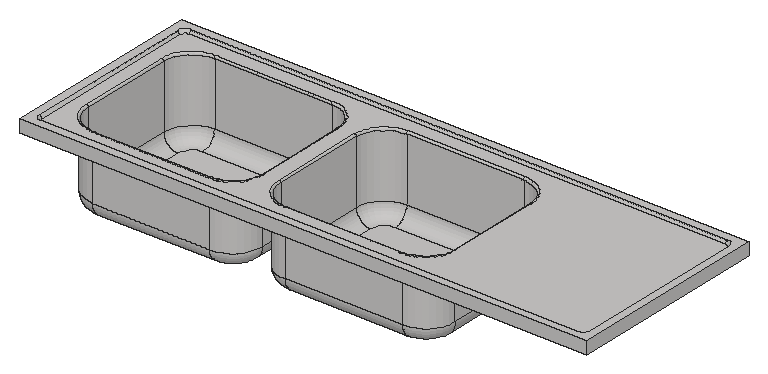
Revit family
Parameters (values of type "1500 X 535")
  Waste Connection Diameter = 40 mm
  Width Of Bowl = 400 mm
  Waste Connection Radius = Waste Connection Diameter / 2  # 20 mm
  Waste Connection = 1 = 1  # yes
  WFU = 0
  Vent Connection = 1 = 0  # no
  URL = "http://www.autospec.co.za/browse.php?id=1937217983"
  Product Code = "SSO-1500-DE"
  OmniClass Title = ""
  OmniClass Number = ""
  Modspec Classification = ""
  Specification = ""
  Material = Stainless Steel Grade 304
  Location (revit room) = ""
  Length Of Bowl = 460 mm
  HW Connection = 1 = 0  # no
  Description = ""
  Depth Of Bowl = 220 mm
  Colour = none
  CW Connection = 1 = 0  # no
  Body Finish = none
  Width = 535 mm
  Model = "Left Hand Sit-On Sink Double End Bowl SSO-1500-DE"
  Manufacturer = "Kwikot"  # constant formula
  Length = 1500 mm
  Assembly Code = "D2010410"
Reference planes
  plane 1 "Center (Front/Back)": y = 0
  plane 2 "Bottom": z = 0
  plane 3 "Center (Left/Right)": x = 0
  plane 4 "Right": x = 1500
  plane 5 "Back": y = 535
  plane 6 "Top": z = 220
  plane 7: z = 188
  plane 8: x = 65
  plane 9: x = 525
  plane 10: y = 267.5
  plane 11: y = 467.5
  plane 12: y = 67.5
  plane 13: x = 295
  plane 14: z = 212
  plane 15: x = 575
  plane 16: x = 1035
  plane 17: x = 805
Forms (mm)
  Sweep 1, solid, material "Stainless Steel Grade 304" <- "Material"
    path origin (-60.109, -1524, 220) x (-1, 0, 0) y (0, -1, 0)
      loop
        line (-60.109, -2059) -> (-60.109, -1524) -> (-1560.109, -1524) -> (-1560.109, -2059) -> (-60.109, -2059)
    profile origin (750, 535, 220) x (0, 1, 0) y (0, 0, 1)
      loop
        line (-15, 0) -> (-15, -10.5) -> (-2.5, -10.5) -> (-2.5, -29.5) -> (-10, -29.5) -> (-10, -32) -> (0, -32) -> (0, 0) -> (-15, 0)
  Extrusion 2, solid, material "Stainless Steel Grade 304" <- "Material"
    sketch origin (-60.109, -1524, 220) x (-1, 0, 0) y (0, -1, 0)
      loop
        line (-75.109, -1539) -> (-1545.109, -1539) -> (-1545.109, -2044) -> (-75.109, -2044) -> (-75.109, -1539)
    from 0 to -10.5
  Extrusion 3, void
    sketch origin (-60.109, -1524, 220) x (0, -1, 0) y (-1, 0, 0)
      loop
        line (-1991.5, -200.109) -> (-1991.5, -510.109)
        arc (-1991.5, -510.109) -> (-1969.533, -563.142) -> (-1916.5, -585.109) r 75
        line (-1916.5, -585.109) -> (-1666.5, -585.109)
        arc (-1666.5, -585.109) -> (-1613.467, -563.142) -> (-1591.5, -510.109) r 75
        line (-1591.5, -510.109) -> (-1591.5, -200.109)
        arc (-1591.5, -200.109) -> (-1613.467, -147.076) -> (-1666.5, -125.109) r 75
        line (-1666.5, -125.109) -> (-1916.5, -125.109)
        arc (-1916.5, -125.109) -> (-1969.533, -147.076) -> (-1991.5, -200.109) r 75
      loop
        line (-1991.5, -710.109) -> (-1991.5, -1020.109)
        arc (-1991.5, -1020.109) -> (-1969.533, -1073.142) -> (-1916.5, -1095.109) r 75
        line (-1916.5, -1095.109) -> (-1666.5, -1095.109)
        arc (-1666.5, -1095.109) -> (-1613.467, -1073.142) -> (-1591.5, -1020.109) r 75
        line (-1591.5, -1020.109) -> (-1591.5, -710.109)
        arc (-1591.5, -710.109) -> (-1613.467, -657.076) -> (-1666.5, -635.109) r 75
        line (-1666.5, -635.109) -> (-1916.5, -635.109)
        arc (-1916.5, -635.109) -> (-1969.533, -657.076) -> (-1991.5, -710.109) r 75
    from 0 to 10.5
  Sweep 4, solid, material "Stainless Steel Grade 304" <- "Material"
    path origin (-60.109, -1524, 220) x (-1, 0, 0) y (0, -1, 0)
      loop
        arc (-200.109, -1991.5) -> (-147.076, -1969.533) -> (-125.109, -1916.5) r 75
        line (-125.109, -1916.5) -> (-125.109, -1666.5)
        arc (-125.109, -1666.5) -> (-147.076, -1613.467) -> (-200.109, -1591.5) r 75
        line (-200.109, -1591.5) -> (-510.109, -1591.5)
        arc (-510.109, -1591.5) -> (-563.142, -1613.467) -> (-585.109, -1666.5) r 75
        line (-585.109, -1666.5) -> (-585.109, -1916.5)
        arc (-585.109, -1916.5) -> (-563.142, -1969.533) -> (-510.109, -1991.5) r 75
        line (-510.109, -1991.5) -> (-200.109, -1991.5)
    profile origin (295, 467.5, 220) x (0, 1, 0) y (0, 0, 1)
      loop
        line (0, -10.5) -> (0, -180)
        arc (0, -180) -> (-10.983, -206.517) -> (-37.5, -217.5) r 37.5
        line (-37.5, -217.5) -> (-37.5, -220)
        arc (-37.5, -220) -> (-9.216, -208.284) -> (2.5, -180) r 40
        line (2.5, -180) -> (2.5, -10.5) -> (0, -10.5)
  Extrusion 5, solid, material "Stainless Steel Grade 304" <- "Material"
    sketch origin (0, 0, 0) x (1, 0, 0) y (0, 1, 0)
      loop
        arc (102.5, 142.5) -> (113.483, 115.983) -> (140, 105) r 37.5
        line (140, 105) -> (450, 105)
        arc (450, 105) -> (476.517, 115.983) -> (487.5, 142.5) r 37.5
        line (487.5, 142.5) -> (487.5, 392.5)
        arc (487.5, 392.5) -> (476.517, 419.017) -> (450, 430) r 37.5
        line (450, 430) -> (140, 430)
        arc (140, 430) -> (113.483, 419.017) -> (102.5, 392.5) r 37.5
        line (102.5, 392.5) -> (102.5, 142.5)
      loop
        circle (295, 267.5) r 20
    from 0 to 2.5
  Blend 6, void
    base sketch origin (0, 0, 220) x (-1, 0, 0) y (0, -1, 0)
      loop
        line (-20, -495) -> (-20, -40)
        arc (-20, -40) -> (-25.858, -25.858) -> (-40, -20) r 20
        line (-40, -20) -> (-1460, -20)
        arc (-1460, -20) -> (-1474.142, -25.858) -> (-1480, -40) r 20
        line (-1480, -40) -> (-1480, -495)
        arc (-1480, -495) -> (-1474.142, -509.142) -> (-1460, -515) r 20
        line (-1460, -515) -> (-40, -515)
        arc (-40, -515) -> (-25.858, -509.142) -> (-20, -495) r 20
    top sketch origin (0, 0, 220) x (-1, 0, 0) y (0, -1, 0)
      loop
        line (-25, -495) -> (-25, -40)
        arc (-25, -40) -> (-29.393, -29.393) -> (-40, -25) r 15
        line (-40, -25) -> (-1460, -25)
        arc (-1460, -25) -> (-1470.607, -29.393) -> (-1475, -40) r 15
        line (-1475, -40) -> (-1475, -495)
        arc (-1475, -495) -> (-1470.607, -505.607) -> (-1460, -510) r 15
        line (-1460, -510) -> (-40, -510)
        arc (-40, -510) -> (-29.393, -505.607) -> (-25, -495) r 15
    from 0 to -8
  Extrusion 7, solid, material "Stainless Steel Grade 304" <- "Material"
    sketch origin (0, 0, 0) x (1, 0, 0) y (0, 1, 0)
      loop
        circle (295, 267.5) r 20
    from 0 to -5
  Sweep 8, solid, material "Stainless Steel Grade 304" <- "Material"
    path origin (-60.109, -1524, 220) x (-1, 0, 0) y (0, -1, 0)
      loop
        arc (-1095.109, -1916.5) -> (-1073.142, -1969.533) -> (-1020.109, -1991.5) r 75
        line (-1020.109, -1991.5) -> (-710.109, -1991.5)
        arc (-710.109, -1991.5) -> (-657.076, -1969.533) -> (-635.109, -1916.5) r 75
        line (-635.109, -1916.5) -> (-635.109, -1666.5)
        arc (-635.109, -1666.5) -> (-657.076, -1613.467) -> (-710.109, -1591.5) r 75
        line (-710.109, -1591.5) -> (-1020.109, -1591.5)
        arc (-1020.109, -1591.5) -> (-1073.142, -1613.467) -> (-1095.109, -1666.5) r 75
        line (-1095.109, -1666.5) -> (-1095.109, -1916.5)
    profile origin (1035, 267.5, 220) x (1, 0, 0) y (0, 0, 1)
      loop
        line (0, -10.5) -> (0, -180)
        arc (0, -180) -> (-10.983, -206.517) -> (-37.5, -217.5) r 37.5
        line (-37.5, -217.5) -> (-37.5, -220)
        arc (-37.5, -220) -> (-9.216, -208.284) -> (2.5, -180) r 40
        line (2.5, -180) -> (2.5, -10.5) -> (0, -10.5)
  Extrusion 9, solid, material "Stainless Steel Grade 304" <- "Material"
    sketch origin (0, 0, 0) x (1, 0, 0) y (0, 1, 0)
      loop
        arc (612.5, 142.5) -> (623.483, 115.983) -> (650, 105) r 37.5
        line (650, 105) -> (960, 105)
        arc (960, 105) -> (986.517, 115.983) -> (997.5, 142.5) r 37.5
        line (997.5, 142.5) -> (997.5, 392.5)
        arc (997.5, 392.5) -> (986.517, 419.017) -> (960, 430) r 37.5
        line (960, 430) -> (650, 430)
        arc (650, 430) -> (623.483, 419.017) -> (612.5, 392.5) r 37.5
        line (612.5, 392.5) -> (612.5, 142.5)
      loop
        circle (805, 267.5) r 20
    from 0 to 2.5
  Extrusion 10, solid, material "Stainless Steel Grade 304" <- "Material"
    sketch origin (0, 0, 0) x (1, 0, 0) y (0, 1, 0)
      loop
        circle (805, 267.5) r 20
    from 0 to -5
  Sweep 11, void
    path origin (0, 0, 220) x (-1, 0, 0) y (0, -1, 0)
      loop
        line (-450, -467.5) -> (-140, -467.5)
        arc (-140, -467.5) -> (-86.967, -445.533) -> (-65, -392.5) r 75
        line (-65, -392.5) -> (-65, -142.5)
        arc (-65, -142.5) -> (-86.967, -89.467) -> (-140, -67.5) r 75
        line (-140, -67.5) -> (-450, -67.5)
        arc (-450, -67.5) -> (-503.033, -89.467) -> (-525, -142.5) r 75
        line (-525, -142.5) -> (-525, -392.5)
        arc (-525, -392.5) -> (-503.033, -445.533) -> (-450, -467.5) r 75
    profile origin (295, 467.5, 220) x (0, -1, 0) y (0, 0, 1)
      loop
        arc (-5, -8) -> (-1.464, -9.464) -> (0, -13) r 5
        line (0, -13) -> (0, -8) -> (-5, -8)
  Sweep 12, void
    path origin (0, 0, 220) x (-1, 0, 0) y (0, -1, 0)
      loop
        arc (-650, -467.5) -> (-596.967, -445.533) -> (-575, -392.5) r 75
        line (-575, -392.5) -> (-575, -142.5)
        arc (-575, -142.5) -> (-596.967, -89.467) -> (-650, -67.5) r 75
        line (-650, -67.5) -> (-960, -67.5)
        arc (-960, -67.5) -> (-1013.033, -89.467) -> (-1035, -142.5) r 75
        line (-1035, -142.5) -> (-1035, -392.5)
        arc (-1035, -392.5) -> (-1013.033, -445.533) -> (-960, -467.5) r 75
        line (-960, -467.5) -> (-650, -467.5)
    profile origin (805, 467.5, 220) x (0, 1, 0) y (0, 0, 1)
      loop
        line (0, -8) -> (0, -13)
        arc (0, -13) -> (1.464, -9.464) -> (5, -8) r 5
        line (5, -8) -> (0, -8)
Cuts and joins
  Extrusion 3, Blend 6, Sweep 11, Sweep 12 cuts Sweep 1
  Extrusion 3, Blend 6, Sweep 11, Sweep 12 cuts Extrusion 2
  Blend 6, Sweep 11, Sweep 12 cuts Sweep 4
  Blend 6, Sweep 11, Sweep 12 cuts Extrusion 5
  Sweep 11, Sweep 12 cuts Extrusion 7
  Sweep 11, Sweep 12 cuts Sweep 8
  Sweep 11, Sweep 12 cuts Extrusion 9
  Sweep 11, Sweep 12 cuts Extrusion 10
  joined: Sweep 1, Extrusion 2, Sweep 4, Extrusion 5, Extrusion 7, Sweep 8, Extrusion 9, Extrusion 10
Lines and regions (mm)
  symbolic lines
    curve 1: line (0, 535, 220) -> (0, 0, 220)
    curve 2: line (0, 0, 220) -> (1500, 0, 220)
    curve 3: line (1500, 0, 220) -> (1500, 535, 220)
    curve 4: line (1500, 535, 220) -> (0, 535, 220)
    curve 5: line (20, 40, 220) -> (20, 495, 220)
    curve 6: line (25, 495, 220) -> (25, 40, 220)
    curve 7: arc (20, 495, 220) -> (25.858, 509.142, 220) -> (40, 515, 220) r 20
    curve 8: arc (40, 510, 220) -> (29.393, 505.607, 220) -> (25, 495, 220) r 15
    curve 9: line (40, 515, 220) -> (1460, 515, 220)
    curve 10: line (1460, 510, 220) -> (40, 510, 220)
    curve 11: arc (1460, 515, 220) -> (1474.142, 509.142, 220) -> (1480, 495, 220) r 20
    curve 12: arc (1475, 495, 220) -> (1470.607, 505.607, 220) -> (1460, 510, 220) r 15
    curve 13: line (1475, 40, 220) -> (1475, 495, 220)
    curve 14: line (1480, 495, 220) -> (1480, 40, 220)
    curve 15: arc (1480, 40, 220) -> (1474.142, 25.858, 220) -> (1460, 20, 220) r 20
    curve 16: arc (1460, 25, 220) -> (1470.607, 29.393, 220) -> (1475, 40, 220) r 15
    curve 17: line (1460, 20, 220) -> (40, 20, 220)
    curve 18: line (40, 25, 220) -> (1460, 25, 220)
    curve 19: arc (40, 20, 220) -> (25.858, 25.858, 220) -> (20, 40, 220) r 20
    curve 20: arc (25, 40, 220) -> (29.393, 29.393, 220) -> (40, 25, 220) r 15
    curve 21: line (65, 392.5, 220) -> (65, 142.5, 220)
    curve 22: arc (140, 467.5, 220) -> (86.967, 445.533, 220) -> (65, 392.5, 220) r 75
    curve 23: line (450, 467.5, 220) -> (140, 467.5, 220)
    curve 24: arc (525, 392.5, 220) -> (503.033, 445.533, 220) -> (450, 467.5, 220) r 75
    curve 25: line (525, 142.5, 220) -> (525, 392.5, 220)
    curve 26: arc (450, 67.5, 220) -> (503.033, 89.467, 220) -> (525, 142.5, 220) r 75
    curve 27: line (140, 67.5, 220) -> (450, 67.5, 220)
    curve 28: arc (65, 142.5, 220) -> (86.967, 89.467, 220) -> (140, 67.5, 220) r 75
    curve 33: arc (315, 267.5, 220) -> (295, 247.5, 220) -> (275, 267.5, 220) r 20
    curve 34: arc (275, 267.5, 220) -> (295, 287.5, 220) -> (315, 267.5, 220) r 20
    curve 36: line (650, 467.5, 220) -> (960, 467.5, 220)
    curve 37: arc (575, 392.5, 220) -> (596.967, 445.533, 220) -> (650, 467.5, 220) r 75
    curve 38: line (575, 142.5, 220) -> (575, 392.5, 220)
    curve 39: arc (960, 467.5, 220) -> (1013.033, 445.533, 220) -> (1035, 392.5, 220) r 75
    curve 40: line (1035, 392.5, 220) -> (1035, 142.5, 220)
    curve 41: arc (1035, 142.5, 220) -> (1013.033, 89.467, 220) -> (960, 67.5, 220) r 75
    curve 42: line (960, 67.5, 220) -> (650, 67.5, 220)
    curve 43: arc (650, 67.5, 220) -> (596.967, 89.467, 220) -> (575, 142.5, 220) r 75
    curve 44: arc (825, 267.5, 220) -> (805, 247.5, 220) -> (785, 267.5, 220) r 20
    curve 45: arc (785, 267.5, 220) -> (805, 287.5, 220) -> (825, 267.5, 220) r 20
  model lines
    curve 29: line (1450, 478, 212) -> (1450, 58, 212)
    curve 30: line (1170, 478, 212) -> (1450, 478, 212)
    curve 31: line (1170, 78, 212) -> (1450, 78, 212)
    curve 32: line (1450, 438, 212) -> (1170, 438, 212)
    curve 35: line (1170, 478, 212) -> (1170, 58, 212)
    curve 46: line (1450, 458, 212) -> (1170, 458, 212)
    curve 47: line (1450, 418, 212) -> (1170, 418, 212)
    curve 48: line (1450, 398, 212) -> (1170, 398, 212)
    curve 49: line (1450, 378, 212) -> (1170, 378, 212)
    curve 50: line (1450, 358, 212) -> (1170, 358, 212)
    curve 51: line (1450, 338, 212) -> (1170, 338, 212)
    curve 52: line (1450, 318, 212) -> (1170, 318, 212)
    curve 53: line (1450, 298, 212) -> (1170, 298, 212)
    curve 54: line (1450, 278, 212) -> (1170, 278, 212)
    curve 55: line (1450, 258, 212) -> (1170, 258, 212)
    curve 56: line (1450, 238, 212) -> (1170, 238, 212)
    curve 57: line (1450, 218, 212) -> (1170, 218, 212)
    curve 58: line (1450, 198, 212) -> (1170, 198, 212)
    curve 59: line (1450, 178, 212) -> (1170, 178, 212)
    curve 60: line (1450, 158, 212) -> (1170, 158, 212)
    curve 61: line (1450, 138, 212) -> (1170, 138, 212)
    curve 62: line (1450, 118, 212) -> (1170, 118, 212)
    curve 63: line (1450, 98, 212) -> (1170, 98, 212)
    curve 64: line (1450, 58, 212) -> (1170, 58, 212)
Dimensions and locks
  "Length": plane 3 "Center (Left/Right)" to plane 4 "Right"
  "Width": plane 5 "Back" to plane 1 "Center (Front/Back)"
  "Depth Of Bowl": plane 6 "Top" to plane 2 "Bottom"
  equal spacing: plane 1 "Center (Front/Back)", plane 10, plane 5 "Back"
  "Length Of Bowl": plane 8 to plane 9
  "Width Of Bowl": plane 11 to plane 12
  equal spacing: plane 11, plane 10, plane 12
  equal spacing: plane 8, plane 13, plane 9
  plane 6 "Top" to plane 7 = 32 mm
  Sweep 1 sketch curve to plane 5 "Back" = 10 mm
  Sweep 1 sketch curve to plane 5 "Back" = 15 mm
  plane 6 "Top" to Sweep 1 sketch curve = 10.5 mm
  Sweep 1 sketch curve to plane 5 "Back" = 2.5 mm
  plane 7 to Sweep 1 sketch curve = 2.5 mm
  plane 3 "Center (Left/Right)" to Blend 6 sketch curve = 20 mm
  Blend 6 sketch curve to plane 4 "Right" = 20 mm
  plane 5 "Back" to Blend 6 sketch curve = 20 mm
  plane 1 "Center (Front/Back)" to Blend 6 sketch curve = 20 mm
  var sketch to Blend 6 sketch curve = 5 mm  (x3)
  Blend 6 sketch curve to var sketch = 5 mm
  plane 6 "Top" to plane 14 = 8 mm
  plane 3 "Center (Left/Right)" to plane 8 = 65 mm
  "Length Of Bowl": plane 15 to plane 16
  equal spacing: plane 15, plane 17, plane 16
  plane 9 to plane 15 = 50 mm
  curve 29 to plane 4 "Right" = 50 mm
  plane 5 "Back" to curve 30 = 57 mm
  radius of Extrusion 3 sketch curve = 75 mm  (x8)
  radius of Sweep 4 sketch curve = 37.5 mm
  radius of Sweep 4 sketch curve = 40 mm
  "Waste Connection Radius": radius of Extrusion 5 sketch curve
  radius of Blend 6 sketch curve = 20 mm  (x4)
  radius of Blend 6 sketch curve = 15 mm  (x4)
  radius of Sweep 8 sketch curve = 37.5 mm
  radius of Sweep 8 sketch curve = 40 mm
  "Waste Connection Radius": radius of Extrusion 9 sketch curve
  aligned and locked: level to plane 2 "Bottom"
  aligned and locked: Sweep 1 sketch curve to plane 5 "Back"
  aligned and locked: plane 3 "Center (Left/Right)" to Sweep 1 sketch curve
  aligned and locked: Sweep 1 sketch curve to plane 1 "Center (Front/Back)"
  aligned and locked: plane 4 "Right" to Sweep 1 sketch curve
  aligned and locked: Sweep 1 sketch curve to profile plane
  aligned and locked: plane 7 to Sweep 1 sketch curve
  aligned and locked: profile plane to Sweep 1 sketch curve
  aligned and locked: Extrusion 2 sketch curve to Sweep 1  (x4)
  aligned and locked: Sweep 1 to Extrusion 2
  aligned and locked: plane 6 "Top" to Extrusion 2
  aligned and locked: plane 11 to Extrusion 3 sketch curve  (x2)
  aligned and locked: Extrusion 3 sketch curve to plane 8
  aligned and locked: Extrusion 3 sketch curve to plane 12  (x2)
  aligned and locked: plane 9 to Extrusion 3 sketch curve
  aligned and locked: Sweep 1 to Extrusion 3
  aligned and locked: plane 6 "Top" to Extrusion 3
  aligned and locked: Sweep 4 sketch curve to cut or joined group 1 (Sweep 1, Extrusion 2, Extrusion 3, Sweep 4, Extrusion 5, Blend 6, Extrusion 7, Sweep 8, Extrusion 9, Extrusion 10, Sweep 11, Sweep 12)  (x5)
  aligned and locked: cut or joined group 1 to Sweep 4 sketch curve
  aligned and locked: plane 2 "Bottom" to Sweep 4 sketch curve
  aligned and locked: Extrusion 5 sketch curve to cut or joined group 1  (x4)
  aligned and locked: plane 10 to Extrusion 5 sketch curve
  aligned and locked: curve 1 to cut or joined group 1
  aligned and locked: curve 2 to cut or joined group 1
  aligned and locked: curve 3 to cut or joined group 1
  aligned and locked: curve 4 to cut or joined group 1
  aligned and locked: curve 7 to cut or joined group 1
  aligned and locked: curve 8 to cut or joined group 1
  aligned and locked: curve 11 to cut or joined group 1
  aligned and locked: curve 12 to cut or joined group 1
  aligned and locked: curve 15 to cut or joined group 1
  aligned and locked: curve 16 to cut or joined group 1
  aligned and locked: curve 19 to cut or joined group 1
  aligned and locked: curve 20 to cut or joined group 1
  aligned and locked: curve 22 to cut or joined group 1
  aligned and locked: curve 24 to cut or joined group 1
  aligned and locked: curve 26 to cut or joined group 1
  aligned and locked: curve 28 to cut or joined group 1
  aligned and locked: Extrusion 7 sketch curve to cut or joined group 1  (x2)
  aligned and locked: curve 33 to cut or joined group 1
  aligned and locked: curve 34 to cut or joined group 1
  aligned and locked: plane 13 to Extrusion 5 sketch curve
  aligned and locked: Extrusion 3 sketch curve to plane 15
  aligned and locked: plane 16 to Extrusion 3 sketch curve
  aligned and locked: Sweep 8 sketch curve to cut or joined group 1  (x4)
  aligned and locked: cut or joined group 1 to Sweep 8 sketch curve
  aligned and locked: Sweep 8 sketch curve to profile plane
  aligned and locked: plane 2 "Bottom" to Sweep 8 sketch curve
  aligned and locked: Extrusion 9 sketch curve to Sweep 8  (x4)
  aligned and locked: plane 17 to Extrusion 9 sketch curve
  aligned and locked: plane 10 to Extrusion 9 sketch curve
  aligned and locked: Extrusion 10 sketch curve to cut or joined group 1  (x2)
  aligned and locked: Sweep 11 sketch curve to cut or joined group 1  (x4)
  aligned and locked: cut or joined group 1 to Sweep 11 sketch curve
  aligned and locked: profile plane to Sweep 11 sketch curve
  aligned and locked: curve 37 to cut or joined group 1
  aligned and locked: curve 39 to cut or joined group 1
  aligned and locked: curve 41 to cut or joined group 1
  aligned and locked: curve 43 to cut or joined group 1
  aligned and locked: curve 44 to cut or joined group 1
  aligned and locked: curve 45 to cut or joined group 1
  aligned and locked: Sweep 12 sketch curve to cut or joined group 1  (x4)
  aligned and locked: profile plane to Sweep 12 sketch curve
  aligned and locked: cut or joined group 1 to Sweep 12 sketch curve
Automatic sketch dimensions
  Sweep 4 sketch curve to Sweep 4 sketch curve = 0 mm
  curve 32 to plane 11 = 29.5 mm
  curve 32 to curve 32 = 280 mm
  plane 12 to curve 31 = 10.5 mm
  Sweep 8 sketch curve to Sweep 8 sketch curve = 0 mm
  Sweep 11 sketch curve to Sweep 11 sketch curve = 5 mm  (x4)
  Sweep 11 sketch curve to profile plane = 0 mm
  Sweep 12 sketch curve to Sweep 12 sketch curve = 5 mm  (x2)
  Sweep 12 sketch curve to Sweep 12 sketch curve = 0 mm  (x2)
  Sweep 12 sketch curve to profile plane = 0 mm
  curve 46 to plane 11 = 9.5 mm
  curve 47 to curve 48 = 20 mm
  curve 48 to curve 49 = 20 mm
  curve 49 to curve 50 = 20 mm
  curve 50 to curve 51 = 20 mm
  curve 51 to curve 52 = 20 mm
  curve 52 to curve 53 = 20 mm
  plane 10 to curve 54 = 10.5 mm
  curve 55 to plane 10 = 9.5 mm
  curve 55 to curve 56 = 20 mm
  curve 56 to curve 57 = 20 mm
  curve 57 to curve 58 = 20 mm
  curve 58 to curve 59 = 20 mm
  curve 59 to curve 60 = 20 mm
  curve 60 to curve 61 = 20 mm
  curve 61 to curve 62 = 20 mm
  plane 12 to curve 63 = 30.5 mm
  curve 32 to curve 47 = 20 mm
  curve 64 to plane 12 = 9.5 mm
Connectors
  piping at (295, 267.5, -5), driven by "Waste Connection Radius", driven by "WFU"
    settings: on cut or joined group 1, index 1, connector radius 20 mm, flow factor 0, pipe flow 0.0 L/s, pressure drop 0.0 Pa, fitting loss kfactor 0, connector angle 0.00°, fixture units 0, flow configuration 3, flow direction 2, fitting loss method 4, system type 16, connector reference index -1, connector utility 0, adjustable connector no, is connector primary yes, fitting loss table "", connector description "Waste Connection"
  piping at (805, 267.5, -5), driven by "Waste Connection Radius", driven by "WFU"
    settings: on cut or joined group 1, index 2, connector radius 20 mm, flow factor 0, pipe flow 0.0 L/s, pressure drop 0.0 Pa, fitting loss kfactor 0, connector angle 0.00°, fixture units 0, flow configuration 3, flow direction 2, fitting loss method 4, system type 16, connector reference index -1, connector utility 0, adjustable connector no, is connector primary no, fitting loss table "", connector description "Waste Connection"
